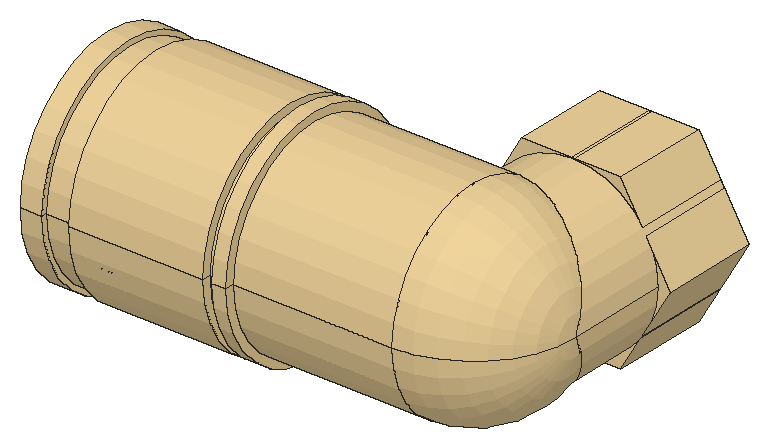
Revit family "ABC-PEX_Фитинг_Колено-штуцер с внутренней резьбой", category Соединительные детали трубопроводов, Revit 2019
Family settings
  Размер круглого соединителя = Использовать диаметр
  Тип детали = Тройник
  На основе рабочей плоскости = Нет
  Всегда вертикально = Нет
  При загрузке вырезать с полостями = Нет
  Общий = Да
Parameters
  Таблица выбора = "ABC-PEX_Фитинг_Колено-штуцер с внутренней резьбой"  # constant formula
  Материал_Корпус = Латунь
  z1 [instance] = size_lookup(Таблица выбора, "z", 30 mm, DN1, DN2)  # 37 mm
  b [instance] = size_lookup(Таблица выбора, "b", 30 mm, DN1, DN2)  # 37 mm
  a [instance] = size_lookup(Таблица выбора, "a", 30 mm, DN1, DN2)  # 64 mm
  S [instance] = 40 mm
  DN2 [instance] = 25 mm
  DN1 [instance] = 32 mm
  ADSK_Примечание = ""
  ADSK_Наименование [instance] = size_lookup(Таблица выбора, "ADSK_Наименование", "Нет в каталоге", DN1, DN2)  # "Колено-штуцер с внутренней резьбой DN32x1\""
  ADSK_Масса [instance] = size_lookup(Таблица выбора, "ADSK_Масса", 0, DN1, DN2)  # 0.254
  ADSK_Марка [instance] = size_lookup(Таблица выбора, "ADSK_Марка", "Нет в каталоге", DN1, DN2)  # "ABC-F-6321"
  ADSK_Завод-изготовитель = "Agpipe"  # constant formula
Reference planes
  plane 1 "По центру (Вперед/Назад)": y = 0
  plane 2: z = 0
  plane 3 "По центру (Влево/Вправо)": x = 0
  plane 4: x = -64
  plane 5: y = 37
  plane 6: x = -37
  plane 7: y = 18.5
Lines and regions (mm)
  reference lines
    curve 1: line (-37, 0, 0) -> (0, 0, 0)
    curve 2: line (0, 0, 0) -> (0, 37, 0)
  symbolic lines, detail levels coarse+medium
    curve 3: line (0, 0, 0) -> (-64, 0, 0)
    curve 4: line (0, 0, 0) -> (0, 37, 0)
Dimensions and locks
  "a": plane 4 to plane 3 "По центру (Влево/Вправо)"
  "b": plane 1 "По центру (Вперед/Назад)" to plane 5
  plane 4 to plane 3 "По центру (Влево/Вправо)" = 64 mm
  "z1": plane 6 to plane 3 "По центру (Влево/Вправо)"
  equal spacing: plane 1 "По центру (Вперед/Назад)", plane 7, plane 5
  aligned and locked: level to plane 2
  aligned and locked: plane 6 to curve 1
  aligned and locked: plane 6 to nested 1
  aligned and locked: plane 5 to curve 2
  aligned and locked: nested 2 to plane 3 "По центру (Влево/Вправо)"
  aligned and locked: nested 2 to plane 1 "По центру (Вперед/Назад)"
  aligned and locked: plane 5 to curve 4
  aligned and locked: plane 4 to curve 3
  aligned and locked: plane 3 "По центру (Влево/Вправо)" to curve 4
  aligned and locked: curve 3 to plane 1 "По центру (Вперед/Назад)"
  aligned and locked: plane 3 "По центру (Влево/Вправо)" to curve 2
Automatic sketch dimensions
  plane 1 "По центру (Вперед/Назад)" to curve 2 = 0 mm
Nested families
  nested 1: "ABC-PEX_Фитинг_Надвижная гильза" at (-54, 0, 0) x (-1, 0, 0) z (0, 0, 1), DN <- "DN1", type "ABC-PEX_Фитинг_Надвижная гильза", detail levels fine
    with b 41 mm, a 34 mm, DN 32 mm, ADSK_Наименование "Надвижная гильза DN32", ADSK_Масса 0.028, ADSK_Марка "ABC-F-132"
  nested 2: "Колено" at (0, 0, 0) x (0, -1, 0) z (0, 0, 1), DN1 <- "DN1", DN2 <- "DN2", type "Колено", detail levels fine
    with z1 37 mm, b 37 mm, a 64 mm, S 32 mm, DN2 25 mm, DN1 32 mm, ADSK_Наименование "Колено-штуцер с наружной резьбой DN32x1\"", ADSK_Масса 0, ADSK_Марка "ABC-F-5321"
Connectors
  piping at (-37, 0, 0), diameter 32, driven by "DN1"
    settings: on curve 1, index 1, connector inside diameter 609.6 mm, connector length 0 mm, flow factor 0, pipe flow 0.0 L/s, pressure drop 0.0 Pa, fitting loss kfactor 0, connector angle 0.00°, fixture units 0, engagement length 0 mm, angle of deflection 0.00°, flow configuration 0, flow direction 0, fitting loss method 0, system type 28, joint type 0, gender type 0, connector reference index 2, connector utility 0, adjustable connector no, is connector primary yes, connector description ""
  piping at (0, 37, 0), diameter 25, driven by "DN2"
    settings: on curve 2, index 2, connector inside diameter 609.6 mm, connector length 0 mm, flow factor 0, pipe flow 0.0 L/s, pressure drop 0.0 Pa, fitting loss kfactor 0, connector angle 0.00°, fixture units 0, engagement length 0 mm, angle of deflection 0.00°, flow configuration 0, flow direction 0, fitting loss method 0, system type 28, joint type 0, gender type 0, connector reference index 1, connector utility 0, adjustable connector no, is connector primary no, connector description ""
Definition of nested family "ABC-PEX_Фитинг_Надвижная гильза"
  Parameters (values of type "ABC-PEX_Фитинг_Надвижная гильза")
    Таблица выбора = "ABC-PEX_Фитинг_Надвижная гильза"  # constant formula
    Маткриал_Корпус = none
    b [instance] = size_lookup(Таблица выбора, "b", 30 mm, DN)  # 24 mm
    a [instance] = size_lookup(Таблица выбора, "a", 30 mm, DN)  # 24 mm
    DN [instance] = 16 mm
    ADSK_Примечание = ""
    ADSK_Наименование [instance] = size_lookup(Таблица выбора, "ADSK_Наименование", "Нет в каталоге", DN)  # "Надвижная гильза DN16"
    ADSK_Масса [instance] = size_lookup(Таблица выбора, "ADSK_Масса", 0, DN)  # 0.008
    ADSK_Марка [instance] = size_lookup(Таблица выбора, "ADSK_Марка", "Нет в каталоге", DN)  # "ABC-F-116"
    ADSK_Завод-изготовитель = "Agpipe"  # constant formula
  Reference planes
    plane 1 "По центру (Вперед/Назад)": y = 0
    plane 2: z = 0
    plane 3 "По центру (Влево/Вправо)": x = 0
    plane 4: y = 12
    plane 5: y = -12
    plane 6: x = -12
    plane 7: x = 12
    plane 8: y = 8
    plane 9: y = -8
  Forms (mm)
    Revolve 1, solid, material <- "Маткриал_Корпус"
      sketch origin (0, 0, 0) x (1, 0, 0) y (0, 1, 0)
        loop
          line (-12, 12) -> (-12, 10) -> (12, 10) -> (12, 12) -> (8, 12) -> (8, 11) -> (3, 11) -> (3, 12) -> (-12, 12)
        axis (-12, 0) -> (12, 0)
      angle from 0 to 360
  Lines and regions (mm)
    reference lines
      curve 1: line (-12, 0, 0) -> (12, 0, 0)
  Dimensions and locks
    equal spacing: plane 4, plane 1 "По центру (Вперед/Назад)", plane 5
    "b": plane 4 to plane 5
    equal spacing: plane 6, plane 3 "По центру (Влево/Вправо)", plane 7
    "a": plane 6 to plane 7
    plane 4 to Revolve 1 sketch curve = 2 mm
    equal spacing: plane 9, plane 1 "По центру (Вперед/Назад)", plane 8
    "DN": plane 9 to plane 8
    Revolve 1 sketch curve to Revolve 1 sketch curve to plane 7 = 5 mm locked, 4 mm locked
    Revolve 1 sketch curve to Revolve 1 sketch curve to plane 4 = 1 mm locked, 1 mm locked
    aligned and locked: level to plane 2
    aligned and locked: plane 1 "По центру (Вперед/Назад)" to Revolve 1 sketch curve
    aligned and locked: plane 4 to Revolve 1 sketch curve
    aligned and locked: Revolve 1 sketch curve to plane 4
    aligned and locked: plane 6 to Revolve 1 sketch curve
    aligned and locked: plane 7 to Revolve 1 sketch curve
    aligned and locked: plane 7 to curve 1
    aligned and locked: plane 6 to curve 1
  Automatic sketch dimensions
    plane 1 "По центру (Вперед/Назад)" to curve 1 = 0 mm
    plane 6 to Revolve 1 sketch curve = 5 mm
    Revolve 1 sketch curve to plane 7 = 4 mm
  Connectors
    piping at (-12, 0, 0), diameter 16, driven by "DN"
      settings: on curve 1, index 1, connector inside diameter 609.6 mm, connector length 0 mm, flow factor 0, pipe flow 0.0 L/s, pressure drop 0.0 Pa, fitting loss kfactor 0, connector angle 0.00°, fixture units 0, engagement length 0 mm, angle of deflection 0.00°, flow configuration 0, flow direction 0, fitting loss method 0, system type 28, joint type 0, gender type 0, connector reference index 2, connector utility 0, adjustable connector no, is connector primary yes, connector description ""
    piping at (12, 0, 0), diameter 16, driven by "DN"
      settings: on curve 1, index 2, connector inside diameter 609.6 mm, connector length 0 mm, flow factor 0, pipe flow 0.0 L/s, pressure drop 0.0 Pa, fitting loss kfactor 0, connector angle 0.00°, fixture units 0, engagement length 0 mm, angle of deflection 0.00°, flow configuration 0, flow direction 0, fitting loss method 0, system type 28, joint type 0, gender type 0, connector reference index 1, connector utility 0, adjustable connector no, is connector primary no, connector description ""
Definition of nested family "Колено"
  Parameters (values of type "Колено")
    Таблица выбора = "ABC-PEX_Фитинг_Колено-штуцер с наружной резьбой"  # constant formula
    Материал_Корпус = none
    z1 [instance] = size_lookup(Таблица выбора, "z", 30 mm, DN1, DN2)  # 37 mm
    b [instance] = size_lookup(Таблица выбора, "b", 30 mm, DN1, DN2)  # 37 mm
    a [instance] = size_lookup(Таблица выбора, "a", 30 mm, DN1, DN2)  # 64 mm
    S [instance] = DN2 + 7 mm  # 32 mm
    DN2 [instance] = 25 mm
    DN1 [instance] = 32 mm
    ADSK_Примечание = ""
    ADSK_Наименование [instance] = size_lookup(Таблица выбора, "ADSK_Наименование", "Нет в каталоге", DN1, DN2)  # "Колено-штуцер с наружной резьбой DN32x1\""
    ADSK_Масса [instance] = 0
    ADSK_Марка [instance] = size_lookup(Таблица выбора, "ADSK_Марка", "Нет в каталоге", DN1, DN2)  # "ABC-F-5321"
    ADSK_Завод-изготовитель = "Agpipe"  # constant formula
  Reference planes
    plane 1 "По центру (Вперед/Назад)": y = 0
    plane 2: z = 0
    plane 3 "По центру (Влево/Вправо)": x = 0
    plane 4: x = -37
    plane 5: y = 37
    plane 6: y = 64
    plane 7: x = -16
    plane 8: x = 16
    plane 9: y = 12.5
    plane 10: y = -12.5
    plane 11: y = 3
    plane 12: y = 16
    plane 13: y = -16
    plane 14: x = -16
    plane 15: x = 16
    plane 16: x = -19
    plane 17: y = 12.5
    plane 18: y = -12.5
  Forms (mm)
    Revolve 1, solid, material <- "Материал_Корпус"
      sketch origin (0, 0, 0) x (1, 0, 0) y (0, 1, 0)
        loop
          line (11, 64) -> (11, 37) -> (0, 37) -> (0, -16)
          arc (0, -16) -> (13.435, -10.435) -> (19, 3) r 19
          line (19, 3) -> (19, 32.644) -> (20.531, 32.644) -> (20.531, 35.302) -> (19, 35.302) -> (19, 37) -> (16, 37) -> (16, 64) -> (11, 64)
        axis (0, 64) -> (0, -16)
      angle from 0 to 360
    Revolve 2, solid, material <- "Материал_Корпус"
      sketch origin (0, 0, 0) x (1, 0, 0) y (0, 1, 0)
        loop
          line (-37, 16) -> (-37, 0) -> (0, 0) -> (0, 16) -> (-37, 16)
        axis (-37, 0) -> (0, 0)
      angle from 0 to 360
    Extrusion 3, solid, material <- "Материал_Корпус"
      sketch origin (0, 0, 0) x (0, 1, 0) y (0, 0, 1)
        loop
          line (-9.238, 16) -> (-18.475, 0) -> (-9.238, -16) -> (9.238, -16) -> (18.475, 0) -> (9.238, 16) -> (-9.238, 16)
      from -37 to -19
    Revolve 4, solid
      sketch origin (0, 0, 0) x (1, 0, 0) y (0, 1, 0)
        loop
          line (-37, 12.5) -> (-37, 0) -> (-19, 0) -> (-19, 12.5) -> (-37, 12.5)
        axis (-37, 0) -> (-19, 0)
      angle from 0 to 360
  Cuts and joins
    joined: Revolve 1, Revolve 2
  Dimensions and locks
    "b": plane 4 to plane 3 "По центру (Влево/Вправо)"
    "z1": plane 1 "По центру (Вперед/Назад)" to plane 5
    "a": plane 1 "По центру (Вперед/Назад)" to plane 6
    equal spacing: plane 7, plane 3 "По центру (Влево/Вправо)", plane 8
    "DN1": plane 7 to plane 8
    equal spacing: plane 9, plane 1 "По центру (Вперед/Назад)", plane 10
    "DN2": plane 9 to plane 10
    locked: plane 8 to Revolve 1 sketch curve at 3
    equal spacing: plane 12, plane 1 "По центру (Вперед/Назад)", plane 13
    "DN1": plane 12 to plane 13
    locked: plane 1 "По центру (Вперед/Назад)" to plane 11 at 3
    equal spacing: Extrusion 3 sketch curve, plane 1 "По центру (Вперед/Назад)", Extrusion 3 sketch curve  (x2)
    "S": Extrusion 3 sketch curve to Extrusion 3 sketch curve  (x3)
    equal spacing: Extrusion 3 sketch curve, level, Extrusion 3 sketch curve
    locked: Revolve 1 sketch curve to plane 8 at 5
    equal spacing: plane 14, plane 3 "По центру (Влево/Вправо)", plane 15
    "DN1": plane 14 to plane 15
    locked: plane 16 to plane 14 at 3
    equal spacing: plane 17, plane 1 "По центру (Вперед/Назад)", plane 18
    "DN2": plane 17 to plane 18
    locked: Extrusion 3 sketch curve to Extrusion 3 sketch curve (angle 120.00°)  (x3)
    aligned and locked: level to plane 2
    aligned and locked: Revolve 1 sketch curve to Revolve 1 sketch curve
    aligned and locked: Revolve 1 sketch curve to plane 8
    aligned and locked: plane 11 to Revolve 1 sketch curve
    aligned and locked: plane 3 "По центру (Влево/Вправо)" to Revolve 1 sketch curve
    aligned and locked: Revolve 1 sketch curve to plane 3 "По центру (Влево/Вправо)"
    aligned and locked: Revolve 2 sketch curve to plane 12
    aligned and locked: Revolve 2 sketch curve to plane 3 "По центру (Влево/Вправо)"
    aligned and locked: plane 4 to Revolve 2 sketch curve
    aligned and locked: Extrusion 3 to plane 4
    aligned and locked: Extrusion 3 to Revolve 2
    aligned and locked: plane 16 to Extrusion 3
    aligned and locked: Revolve 4 sketch curve to plane 17
    aligned and locked: plane 4 to Revolve 4 sketch curve
    aligned and locked: Revolve 4 sketch curve to plane 1 "По центру (Вперед/Назад)"
    aligned and locked: Revolve 4 sketch curve to Extrusion 3
    aligned and locked: Revolve 4 sketch curve to Revolve 4 sketch curve
    aligned and locked: Revolve 2 sketch curve to plane 1 "По центру (Вперед/Назад)"
  Automatic sketch dimensions
    Revolve 1 sketch curve to plane 3 "По центру (Влево/Вправо)" = 0 mm
    plane 5 to Revolve 1 sketch curve = 0 mm  (x2)
    plane 6 to Revolve 1 sketch curve = 0 mm
    Revolve 1 sketch curve to Revolve 1 sketch curve = 1.531 mm
    Revolve 1 sketch curve to Revolve 1 sketch curve = 4.356 mm
    plane 5 to Revolve 1 sketch curve = 1.698 mm
    plane 9 to Revolve 1 sketch curve = 6.5 mm
    plane 6 to Revolve 1 sketch curve = 10 mm
    plane 1 "По центру (Вперед/Назад)" to Revolve 2 sketch curve = 0 mm
    Revolve 2 sketch curve to plane 4 = 0 mm
    Revolve 2 sketch curve to plane 4 = 15 mm
    plane 3 "По центру (Влево/Вправо)" to Revolve 2 sketch curve = 8 mm
    Revolve 4 sketch curve to Revolve 4 sketch curve = 6.428 mm
    Revolve 4 sketch curve to Revolve 4 sketch curve = 4.942 mm
